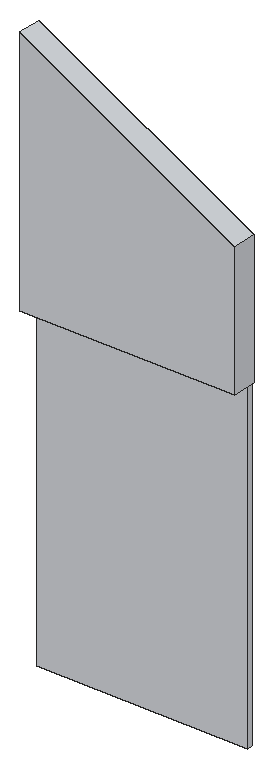
Revit family "EXP_WT-1A_CPan-006", category Curtain Panels, Revit 2021
Family settings
  OmniClass Number = 23.25.20.14.11.11.17
  OmniClass Title = Infill Panels
  Always vertical = Yes
  Cut with Voids When Loaded = No
  Shared = No
Parameters
  UI-UnitNumber [instance] = "01"
  UI-Quadrant [instance] = "SE"
  UI-ProjectAbbreviation = "NEU"
  UI-ItemCategory = "PID"
  UI-FloorNumber [instance] = "03"
  PNT-WallType = "WT1A"
  PNT-ProjectAbbreviation = "NEU"
  PNT-PanelType [instance] = "01"
  PNT-ItemCategory = "PNL"
  HModSX [instance] = 3' - 3"
  HModDX [instance] = 7' - 5"
  GlassSPH2(x2) [instance] = 0' - 2 3/16"
  GlassH2 [instance] = none
  GlassH1 [instance] = none
  DistanceAxis = 1' - 6"
  Define Thermal Properties by = Schematic Type
  CellSxH1 [instance] = HModSX + DistanceAxis  # 4' - 9"
  CellSxH [instance] = CellSxH1 + CellH2  # 16' - 6"
  CellSp = 0' - 10 3/16"
  CellL [instance] = 7' - 8"
  CellH2 [instance] = 11' - 9"
  CellH [instance] = 11' - 9"
  CellDxH1 [instance] = HModDX + DistanceAxis  # 8' - 11"
  CellDxH [instance] = CellDxH1 + CellH2  # 20' - 8"
  CellAngle [instance] = 45.00°
  AncleTrapezoid [instance] = 118.523°
  Analytic Construction = "<None>"
Reference planes (in)
  plane 1 "Center (Front/Back)": y = 0
  plane 2: z = 0
  plane 3 "Center (Left/Right)": x = 0
  plane 4 "Left": x = -46
  plane 5 "Right": x = 46
  plane 6 "Top": z = 141
  plane 7: y = -10.1875
  plane 8: z = 198
  plane 9: z = 248
  plane 10 "DistanceAxisSX": z = 159
Forms (in)
  Extrusion 1, solid, material <- "GlassH2", detail levels coarse+medium
    sketch origin (0, 0, 0) x (1, 0, 0) y (0, 0, 1)
      loop
        line (46, 141) -> (-46, 141) -> (-46, 0) -> (46, 0) -> (46, 141)
    from 0 to 10.1875
  Extrusion 2, solid, material <- "GlassH1"
    sketch origin (0, 0, 0) x (1, 0, 0) y (0, 0, 1)
      loop
        line (46, 198) -> (-46, 248) -> (-46, 141) -> (46, 141) -> (46, 198)
    from 0 to 10.1875
Lines and regions (in)
  reference lines
    curve 1: line (46, 0, 198) -> (-46, 0, 248)
Text (in)
  text "Exterior" at (-92.59733, 55.75508, 0), in view "Ref. Level"
  text "Exterior" at (0, 90.18664, 173.49264), in view "Left"
  text "Exterior" at (0, 52.29083, 162.21847), in view "Right"
Dimensions and locks (in)
  equal spacing: plane 4 "Left", plane 3 "Center (Left/Right)", plane 5 "Right"  (x2)
  "CellL": plane 4 "Left" to plane 5 "Right"
  "CellSp": plane 7 to plane 1 "Center (Front/Back)"
  "CellH": plane 2 to plane 6 "Top"
  "DistanceAxis": plane 6 "Top" to plane 10 "DistanceAxisSX"
  "HModSX": plane 10 "DistanceAxisSX" to plane 8
  "HModDX": plane 10 "DistanceAxisSX" to plane 9
  "CellH2": plane 2 to plane 6 "Top"
  "CellSxH1": plane 6 "Top" to plane 8
  "CellDxH1": plane 6 "Top" to plane 9
  "AncleTrapezoid": angle plane 5 "Right" to curve 1
  aligned and locked: level to plane 2
  aligned and locked: plane 5 "Right" to Extrusion 1 sketch curve
  aligned and locked: plane 2 to Extrusion 1 sketch curve
  aligned and locked: plane 4 "Left" to Extrusion 1 sketch curve
  aligned and locked: plane 6 "Top" to Extrusion 1 sketch curve
  aligned and locked: Extrusion 1 to plane 7
  aligned and locked: plane 5 "Right" to Extrusion 2 sketch curve
  aligned and locked: plane 6 "Top" to Extrusion 2 sketch curve
  aligned and locked: Extrusion 2 sketch curve to plane 4 "Left"
  aligned and locked: Extrusion 2 to plane 7
  aligned and locked: plane 1 "Center (Front/Back)" to nested 1
  aligned and locked: nested 1 to plane 6 "Top"
  aligned and locked: plane 2 to nested 1
  aligned and locked: plane 4 "Left" to nested 1
  aligned and locked: plane 5 "Right" to nested 1
Automatic sketch dimensions
  Extrusion 2 sketch curve to plane 8 = 0' - 0"
  Extrusion 2 sketch curve to plane 9 = 0' - 0"
  curve 1 to plane 4 "Left" = 0' - 0"
  curve 1 to plane 8 = 0' - 0"
Nested families (in)
  nested 1: "EXP_WT-1x_IG-001" at (0, 0, 70.5), MaterialGlass <- "GlassH2", GlassSP <- "GlassSPH2(x2)", type "GlassSP = H2(x2)", detail levels fine
    with MaterialGlass none, GlassSP 0' - 2 3/16", GlassL 7' - 6.12598", GlassH 11' - 7.06299", CellL 7' - 8", CellH 11' - 9"
Definition of nested family "EXP_WT-1x_IG-001"
  Parameters (values of type "H2 _ GlassSP = 1 1/4"")
    MaterialGlass [instance] = none
    GlassSP [instance] = 0' - 1 1/4"
    GlassL [instance] = CellL - (GlassD1 + GlassD3)  # 3' - 10.94439"
    GlassH [instance] = CellH - (GlassD2 + GlassD4)  # 6' - 6.64788"
    GlassD4 = 0' - 1.43701"
    GlassD3 = 0' - 0.93701"
    GlassD2 = 0' - 0 1/2"
    GlassD1 = 0' - 0 15/16"
    GMPI-ProjectAbbreviation = "NEU"
    GMPI-IteamCategory = "GLS"
    Default Elevation = 0' - 0"
    CellL [instance] = 4' - 0.8189"
    CellH [instance] = 6' - 8.58489"
  Types (12): name | GlassSP | GlassL | GlassH | GlassD4 | GlassD2 | GlassD1
    H2(x2) _ GlassSP = 2 1/8" | 0' - 2.12598" | 3' - 10.94488" | 6' - 6.64788" | 0' - 1.43701" | 0' - 0 1/2" | 0' - 0.93701"
    H1 _ GlassSP = 1 1/4" | 0' - 1 1/4" | 3' - 10.94439" | 6' - 6.89739" | 0' - 0 1/4" | 0' - 1 7/16" | 0' - 0 15/16"
    H2(x3) _ GlassSP = 2 1/8" | 0' - 2.12598" | 3' - 10.94488" | 6' - 7.83489" | 0' - 0 1/4" | 0' - 0 1/2" | 0' - 0.93701"
    H3 _ GlassSP = 1 1/4" | 0' - 1 1/4" | 3' - 10.94439" | 6' - 6.64788" | 0' - 1.43701" | 0' - 0 1/2" | 0' - 0 15/16"
    H _ GlassSP = 2 1/8" | 0' - 2.12598" | 3' - 10.94488" | 6' - 5.71088" | 0' - 1.43701" | 0' - 1.43701" | 0' - 0.93701"
    H _ GlassSP = 1 1/4" | 0' - 1 1/4" | 3' - 10.94439" | 6' - 5.71088" | 0' - 1.43701" | 0' - 1.43701" | 0' - 0 15/16"
    H2 _ GlassSP = 1 1/4" | 0' - 1 1/4" | 3' - 10.94439" | 6' - 6.64788" | 0' - 1.43701" | 0' - 0 1/2" | 0' - 0 15/16"
    GlassSP = H | 0' - 1 1/4" | 3' - 10.94439" | 6' - 5.71088" | 0' - 1.43701" | 0' - 1.43701" | 0' - 0 15/16"
    GlassSP = H3 | 0' - 1 1/4" | 3' - 10.94439" | 6' - 6.64788" | 0' - 1.43701" | 0' - 0 1/2" | 0' - 0 15/16"
    GlassSP = H2(x3) | 0' - 2.12598" | 3' - 10.94488" | 6' - 7.83489" | 0' - 0 1/4" | 0' - 0 1/2" | 0' - 0.93701"
    GlassSP = H2(x2) | 0' - 2.12598" | 3' - 10.94488" | 6' - 6.64788" | 0' - 1.43701" | 0' - 0 1/2" | 0' - 0.93701"
    GlassSP = H1 | 0' - 1 1/4" | 3' - 10.94439" | 6' - 6.89739" | 0' - 0 1/4" | 0' - 1 7/16" | 0' - 0 15/16"
  Reference planes (in)
    plane 1 "Center (Front/Back)": y = 0
    plane 2: z = 0
    plane 3 "Center (Left/Right)": x = 0
    plane 4: x = -24.40945
    plane 5: x = 24.40945
    plane 6: z = 40.29245
    plane 7: x = -23.47195
    plane 8: x = 23.47244
    plane 9: z = -40.29245
    plane 10: z = 39.79245
    plane 11: z = -38.85544
  Forms (in)
    Extrusion 1, solid, material <- "MaterialGlass"
      sketch origin (0, 0, 0) x (1, 0, 0) y (0, 0, 1)
        loop
          line (-23.47195, -38.85544) -> (23.47244, -38.85544) -> (23.47244, 39.79245) -> (-23.47195, 39.79245) -> (-23.47195, -38.85544)
      from 0 to 1.25 <- "GlassSP"
  Dimensions and locks (in)
    equal spacing: plane 6, level, plane 9
    "CellH": plane 6 to plane 9
    "GlassD2": plane 6 to plane 10
    "GlassD4": plane 11 to plane 9
    equal spacing: plane 4, plane 3 "Center (Left/Right)", plane 5
    "CellL": plane 4 to plane 5
    "GlassD1": plane 4 to plane 7
    "GlassD3": plane 5 to plane 8
    aligned and locked: level to plane 2
    aligned and locked: Extrusion 1 sketch curve to plane 11
    aligned and locked: Extrusion 1 sketch curve to plane 7
    aligned and locked: plane 10 to Extrusion 1 sketch curve
    aligned and locked: plane 8 to Extrusion 1 sketch curve
